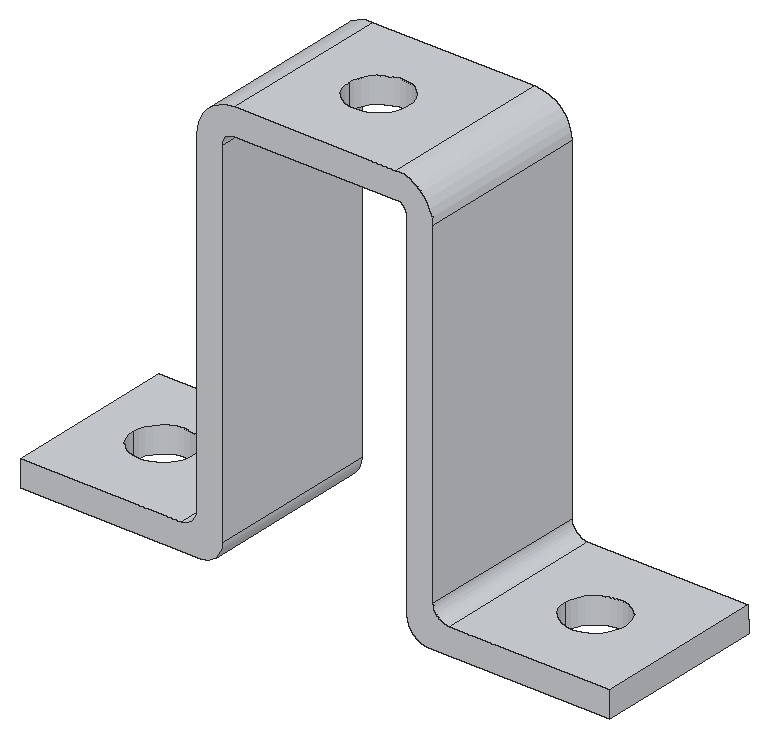
Revit family "MP30", category Generic Models, Revit 2017
Family settings
  Can host rebar = No
  Round Connector Dimension = Use Diameter
  Part Type = Normal
  Work Plane-Based = Yes
  Always vertical = No
  Cut with Voids When Loaded = No
  Shared = No
  Room Calculation Point = No
Parameters (values of type "NBS Standard Parameters")
  Weight = "0.5125Kg"
  WarrantyStartDate [instance] = "1900-12-31T23:59:59"
  WarrantyGuarantorParts = "n/a"
  WarrantyGuarantorLabor = "n/a"
  WarrantyDurationUnit = "1 year"
  WarrantyDurationParts = "n/a"
  WarrantyDurationLabor = "n/a"
  WarrantyDescription = "n/a"
  Version = "1"
  Uniclass2 = "Pr_65_70_11_19"
  TagNumber [instance] = "n/a"
  SustainabilityPerformance = "n/a"
  Size = "82mm."
  Shape = "U shape"
  SerialNumber [instance] = "n/a"
  Revision = "n/a"
  ReplacementCost = "n/a"
  ProductInformation = "www.metpro.co.uk/pdf/mp30.pdf"
  NominalWidth = 40 mm
  NominalLength = 138 mm
  NominalHeight = 89 mm
  Name = ""
  NBSTypeID = ""
  NBSReference = "90-55-10/305"
  NBSOfficeMasterTag = ""
  NBSNote = ""
  NBSDescription = "Cable Channel Supports"
  NBSCertification = ""
  ModelReference = "MP30"
  ModelNumber = "n/a"
  Material = "Steel"
  ManufacturerURL = "www.metpro.co.uk"
  ManufacturerName = "Metpro Ltd"
  Keynote = "Complaint LU Standard 1-085"
  InstallationDate [instance] = "1900-12-31T23:59:59"
  IfcExportType = ""
  IfcExportAs = ""
  Grade = "n/a"
  Finish = "Hot Dipped Galvanised"
  Features = "n/a"
  ExpectedLife = "n/a"
  DurationUnit = "year"
  Description = "MP 30  82mm U Bracket"
  Default Elevation = 1219.2 mm
  Constituents = "n/a"
  Color = "n/a"
  CodePerformance = "n/a"
  Category = "n/a"
  BarCode [instance] = "n/a"
  BIMObjectName = "metpro_metprolibrary_channelcablesupports_channelbrackets"
  Author = "Metpro Ltd"
  AssetType = ""
  AssetIdentifier [instance] = "n/a"
  AccessibilityPerformance = "n/a"
Reference planes
  plane 1 "Center (Front/Back)": y = 0
  plane 2: z = 0
  plane 3 "Center (Left/Right)": x = 0
Forms (mm)
  Extrusion 1, solid
    sketch origin (-24.798, -73.239, -25.952) x (1, 0, 0) y (0, 0, -1)
      loop
        arc (-17.309, -88.952) -> (-19.212, -88.164) -> (-20, -86.261) r 2.691
        line (-20, -86.261) -> (-20, -3.952)
        arc (-20, -3.952) -> (-21.464, -0.417) -> (-25, 1.048) r 5
        line (-25, 1.048) -> (-66.75, 1.048) -> (-66.75, -4.952) -> (-29.6, -4.952)
        arc (-29.6, -4.952) -> (-27.054, -6.006) -> (-26, -8.552) r 3.6
        line (-26, -8.552) -> (-26, -86.261)
        arc (-26, -86.261) -> (-23.454, -92.406) -> (-17.309, -94.952) r 8.691
        line (-17.309, -94.952) -> (20, -94.952)
        arc (20, -94.952) -> (26.01, -92.462) -> (28.5, -86.452) r 8.5
        line (28.5, -86.452) -> (28.5, -8.51)
        arc (28.5, -8.51) -> (29.542, -5.994) -> (32.058, -4.952) r 3.558
        line (32.058, -4.952) -> (69.25, -4.952) -> (69.25, 1.048) -> (27.5, 1.048)
        arc (27.5, 1.048) -> (23.964, -0.417) -> (22.5, -3.952) r 5
        line (22.5, -3.952) -> (22.5, -86.452)
        arc (22.5, -86.452) -> (21.768, -88.22) -> (20, -88.952) r 2.5
        line (20, -88.952) -> (-17.309, -88.952)
    from 0 to 40
  Extrusion 2, void
    sketch origin (-24.001, -73.239, 0) x (0, 1, 0) y (1, 0, 0)
      loop
        circle (20.256, -50.835) r 7
      loop
        circle (20, 49.203) r 7
    from 21 to 27
  Extrusion 3, void
    sketch origin (-24.001, -73.239, 69) x (0, 1, 0) y (1, 0, 0)
      loop
        circle (20, -0.797) r 7
    from 0 to 6
Cuts and joins
  Extrusion 2, Extrusion 3 cuts Extrusion 1
Dimensions and locks
  aligned and locked: level to plane 2
